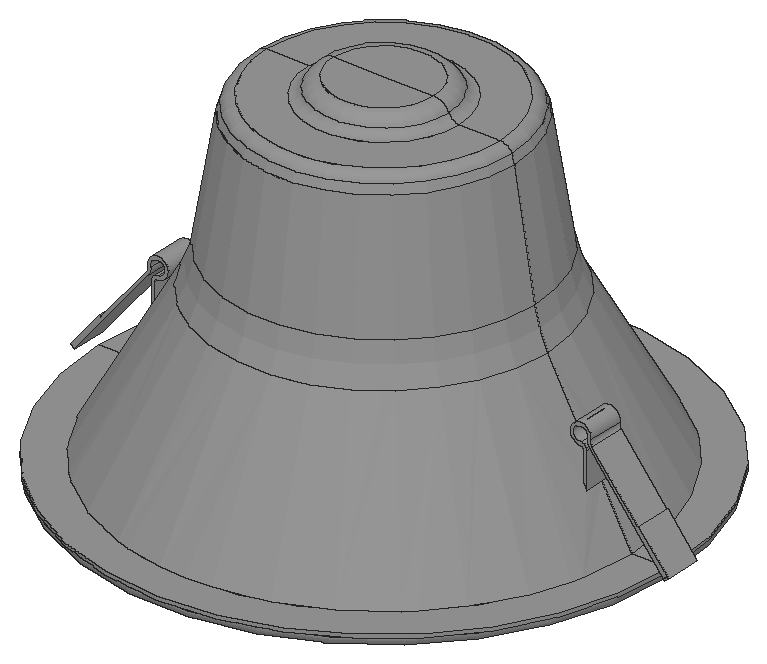
Revit family "63_UN_Downlighter_Thunder Series 10-20W D174_Natec", category Lighting Fixtures, Revit 2019
Family settings
  Round Connector Dimension = Use Diameter
  Part Type = Normal
  OmniClass Number = 23.80.70.11.14.11
  OmniClass Title = Downlights
  Work Plane-Based = No
  Always vertical = Yes
  Cut with Voids When Loaded = Yes
  Light Source = Yes
  Shared = No
  Room Calculation Point = Yes
Parameters (values of type "Thunder 20W 5700K (Tri-white) 110lmw")
  Wattage Comments = "20W"
  Wattage = 15.0126 W
  built-in parameter 1150110 = 1 (stored number, unit not read)
  Voltage = 230 V
  URL = "https://nateclighting.nl/"
  Type Comments = "Thunder series D232"
  built-in parameter 1114217 = 1 (stored number, unit not read)
  Tilt Angle = 90.00°
  built-in parameter 1150109 = 1 (stored number, unit not read)
  built-in parameter 1150134 = (empty or 0)
  Symbol_ToScale [instance] = not(Symbol_RealSize)  # no
  Symbol_RealSize [instance] = yes
  Switch Code [instance] = ""
  built-in parameter 1150113 = 1 (stored number, unit not read)
  Photometric Web File = "Thunder 20W 5700K (Tri-white) 110lmw.IES"
  Model = "Downlighter"
  Manufacturer = "Natec Lighting"
  built-in parameter 1150105 = 2040 (stored number, unit not read)
  Luminous Flux (lm) = 2230 lm
  Lumens = 2230 lm
  built-in parameter 1150115 = 1 (stored number, unit not read)
  Luminaire Code [instance] = ""
  built-in parameter 1150137 = (empty or 0)
  built-in parameter 1150139 = (empty or 0)
  built-in parameter 1150112 = 1 (stored number, unit not read)
  built-in parameter 1150114 = 1 (stored number, unit not read)
  Lamp = "LED"
  built-in parameter 1150132 = 2
  built-in parameter 1150102 = (empty or 0)
  built-in parameter 1150107 = 5700 (stored number, unit not read)
  built-in parameter 1150138 = (empty or 0)
  built-in parameter 1150106 = 20.4 (stored number, unit not read)
  IfcExportType = "USERDEFINED"
  IfcExportAs = "IfcLightFixtureType"
  Housing_Material = Laminate, White
  built-in parameter 1150104 = 13.8 (stored number, unit not read)
  Dimming Lamp Color Temperature Shift = <None>
  Description = ""
  Content Creator® = "www.ivlibrary.com"
  Color Filter = 16777215
  built-in parameter 1114218 = 1 (stored number, unit not read)
  built-in parameter 1150133 = 10 (stored number, unit not read)
  Assembly Code = "63.0"
  Apparent Load = 20 VA
Types (4, lengths in mm): name | Wattage | built-in parameter 1150134 | Photometric Web File | built-in parameter 1150105 | Luminous Flux (lm) | Lumens | built-in parameter 1150107 | built-in parameter 1150106
  (no name) | 15.0126 W | (empty or 0) | "Thunder 20W 5700K (Tri-white) 110lmw.IES" | 2040 (stored number, unit not read) | 2230 lm | 2230 lm | 5700 (stored number, unit not read) | 20.4 (stored number, unit not read)
  Thunder 20W 3000K (Tri-white) 110lmw | 13.5046 W | (empty or 0) | "Thunder 20W 3000K (Tri-white) 110lmw.IES" | 1833.5 (stored number, unit not read) | 2006 lm | 2006 lm | 3000 (stored number, unit not read) | 18.335 (stored number, unit not read)
  Thunder 20W 4000K (Tri-white) 110lmw | 15.1674 W | 12 | "Thunder 20W 4000K (Tri-white) 110lmw.IES" | 2057.7 (stored number, unit not read) | 2253 lm | 2253 lm | 4000 (stored number, unit not read) | 20.577 (stored number, unit not read)
  Thunder 20W 5700K (Tri-white) 110lmw | 15.0126 W | (empty or 0) | "Thunder 20W 5700K (Tri-white) 110lmw.IES" | 2040 (stored number, unit not read) | 2230 lm | 2230 lm | 5700 (stored number, unit not read) | 20.4 (stored number, unit not read)
Reference planes
  plane 1 "Center (Front/Back)": y = 0
  plane 2: z = 0
  plane 3 "Center (Left/Right)": x = 0
Forms (mm)
  Revolve 1, solid, material "Laminate, White" <- "Housing_Material"
    sketch origin (0, 0, 0) x (1, 0, 0) y (0, 0, 1)
      loop
        line (-75.785, 0) -> (-75.785, -2.719) -> (-73.795, -2.719)
        arc (-73.795, -2.719) -> (-54.44, 19.151) -> (-26.389, 27.281) r 52.456
        line (-26.389, 27.281) -> (0, 27.281) -> (0, 94) -> (-40.091, 94) -> (-46.046, 57.708)
        arc (-46.046, 57.708) -> (-47.57, 51.714) -> (-50.104, 46.073) r 35.803
        line (-50.104, 46.073) -> (-75.785, 0)
      axis (0, 94) -> (0, -2.719)
    angle from 0 to 360
  Revolve 2, solid, material "Damp-proofing"
    sketch origin (0, 0, 0) x (1, 0, 0) y (0, 0, 1)
      loop
        line (-40.091, 94) -> (0, 94) -> (0, 104) -> (-15.236, 104)
        arc (-15.236, 104) -> (-17.929, 103.213) -> (-19.774, 101.1) r 5
        arc (-19.774, 101.1) -> (-21.109, 99.57) -> (-23.059, 99) r 3.62
        line (-23.059, 99) -> (-35.651, 99)
        arc (-35.651, 99) -> (-37.778, 98.332) -> (-39.142, 96.568) r 3.722
        line (-39.142, 96.568) -> (-40.091, 94)
      axis (0, 104) -> (0, 94)
    angle from 0 to 360
  Revolve 3, solid, material "Laminate, White" <- "Housing_Material"
    sketch origin (0, 0, 0) x (1, 0, 0) y (0, 0, 1)
      loop
        line (-75.785, 0) -> (-87.025, 0) -> (-87.025, -1.049)
        arc (-87.025, -1.049) -> (-86.161, -3.136) -> (-84.074, -4) r 2.951
        line (-84.074, -4) -> (-75.785, -4) -> (-75.785, 0)
      axis (0, 0) -> (0, -4)
    angle from 0 to 360
  Sweep 4, solid, material "Laminate, White" <- "Housing_Material"
    path origin (1.875, 0, 0) x (1, 0, 0) y (0, 0, 1)
      loop
        line (-67.393, 15.204) -> (-67.393, 27.361)
        arc (-67.393, 27.361) -> (-67.166, 27.898) -> (-66.622, 28.108) r 0.747
        arc (-66.622, 28.108) -> (-64.497, 33.702) -> (-69.613, 30.598) r 3.164
        arc (-69.613, 30.598) -> (-69.621, 29.757) -> (-69.992, 29.003) r 1.895
        line (-69.992, 29.003) -> (-92.908, 0.703)
    profile origin (-65.518, 0, 21.283) x (-1, 0, 0) y (0, -1, 0)
      loop
        line (1.008, 5.494) -> (0, 5.494) -> (0, -5.494) -> (1.008, -5.494) -> (1.008, 5.494)
  Extrusion 5, solid, material "Laminate, White" <- "Housing_Material"
    sketch origin (0, 0, 0) x (1, 0, 0) y (0, 0, 1)
      loop
        line (-91.422, 1.018) -> (-90.25, 0.069) -> (-81.284, 11.142) -> (-82.455, 12.09) -> (-91.422, 1.018)
    from -5.494 to 5.494
  Sweep 6, solid, material "Laminate, White" <- "Housing_Material"
    path origin (-1.875, 0, 0) x (-1, 0, 0) y (0, 0, 1)
      loop
        line (-67.393, 15.204) -> (-67.393, 27.361)
        arc (-67.393, 27.361) -> (-67.166, 27.898) -> (-66.622, 28.108) r 0.747
        arc (-66.622, 28.108) -> (-64.497, 33.702) -> (-69.613, 30.598) r 3.164
        arc (-69.613, 30.598) -> (-69.621, 29.757) -> (-69.992, 29.003) r 1.895
        line (-69.992, 29.003) -> (-92.908, 0.703)
    profile origin (65.518, 0, 21.283) x (-1, 0, 0) y (0, -1, 0)
      loop
        line (-1.008, 5.494) -> (-1.008, -5.494) -> (0, -5.494) -> (0, 5.494) -> (-1.008, 5.494)
  Extrusion 7, solid, material "Laminate, White" <- "Housing_Material"
    sketch origin (0, 0, 0) x (-1, 0, 0) y (0, 0, -1)
      loop
        line (-91.422, -1.018) -> (-82.455, -12.09) -> (-81.284, -11.142) -> (-90.25, -0.069) -> (-91.422, -1.018)
    from -5.494 to 5.494
Cuts and joins
  joined: Revolve 1, Revolve 3, Sweep 4, Extrusion 5, Sweep 6, Extrusion 7
Lines and regions (mm)
  symbolic lines, visible <- "Symbol_RealSize"
    curve 1: circle (0, 0, 0) r 87 normal (0, 0, 1)
Dimensions and locks
  aligned and locked: level to plane 2
Nested families
  nested 1: "Ø174 Symbol_Natec" at (0, 0, 0), visible <- "Symbol_ToScale", type "Ø174 Symbol_Natec"
Connectors
  electrical at (0, 0, 0), driven by "Voltage", driven by "Apparent Load"
    settings: index 1, voltage 230 V, apparent load 0 VA, apparent load phase1 20 VA, apparent load phase2 0 VA, apparent load phase3 0 VA, power factor 1, load classification "Lighting", number of poles 1, system type 31, power factor state 1, is connector primary yes, connector utility no, sub classification motor no, connector description ""
Definition of nested family "Ø174 Symbol_Natec"
  Reference planes
    plane 1: y = 0
    plane 2: x = 0
  Lines and regions (mm)
    detail lines
      curve 1: circle (0, 0, 0) r 0.87 normal (0, 0, 1)
